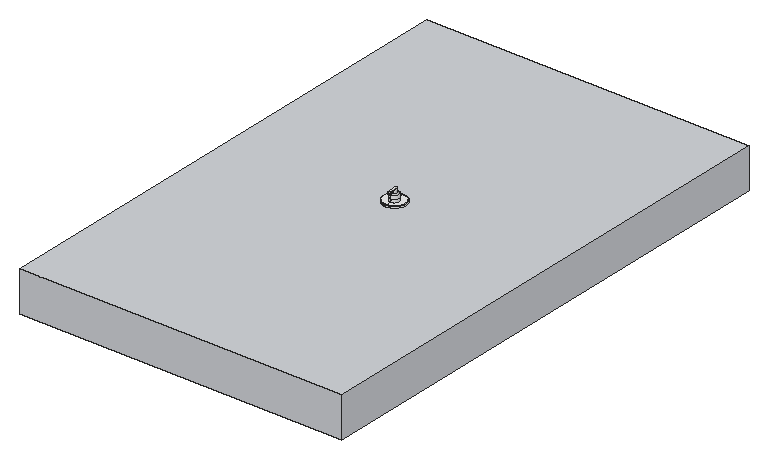
Revit family "Balance_Trim-GROHE-Atrio-19866_Series", category Plumbing Fixtures, host Face, Revit 2014
Parameters (values of type "19866000")
  Width = 6 11/16"  # constant formula
  Waste Connection = no
  Warranty Documentation Link = "https://cdn.cloud.grohe.com/tpi/1000/1900/1940/1949/1949006/original/1949006.pdf"
  WFU = 4  # constant formula
  Vent Connection = no
  URL = "https://www.grohe.us"
  Type Comments = ""
  Tempered Connection Radius = Tempered Connection Diameter / 2  # 1/4"
  Tempered Connection Diameter = Hot Water Connection Diameter  # 1/2"
  Shipping Weight = 3.611 lbf
  Product Page URL = "https://www.grohe.us/en_us/atrio-jota-single-function-pressure-balance-trim-with-control-module-19866000.html"
  Price = "Prices may vary. Please consult Manufacturer Representative for most up-to-date price list."  # constant formula
  Model = "19866000"
  Material = "Metal-Grohe-000-Chrome"
  Manufacturer = "Grohe"
  Length = 4 3/16"  # constant formula
  Installation Type = "Wall Mounted"
  Hot Water Connection Radius = Hot Water Connection Diameter / 2  # 1/4"
  Hot Water Connection Diameter = Cold Water Connection Diameter  # 1/2"
  Height = 40"
  HWFU = 3  # constant formula
  HW Connection = yes
  Flow Rate = "6.1 gpm at 45 psi"  # constant formula
  Finish = Metal-Grohe-000-Chrome
  Description = "Atrio Single function pressure balance trim with control module"  # constant formula
  Default Elevation = 44"  # constant formula
  Creation Date = "06/26/2017"  # constant formula
  Cold Water Connection Radius = 1/4"  # constant formula
  Cold Water Connection Diameter = Cold Water Connection Radius * 2  # 1/2"
  CWFU = 3  # constant formula
  CW Connection = yes
  Assembly Code = "D2010710"
  ADA Compliant = yes
Types (2): name | Shipping Weight | Product Page URL | Model | Material | Finish
  19866000 | 3.611 lbf | "https://www.grohe.us/en_us/atrio-jota-single-function-pressure-balance-trim-with-control-module-19866000.html" | "19866000" | "Metal-Grohe-000-Chrome" | Metal-Grohe-000-Chrome
  19866EN0 | 3.622 lbf | "https://www.grohe.us/en_us/atrio-jota-single-function-pressure-balance-trim-with-control-module-19866EN0.html" | "19866EN0" | "Metal-Grohe-EN0-Brushed Nickel" | Metal-Grohe-EN0-Brushed Nickel
Reference planes (in)
  plane 1 "Center (Front/Back)": y = 0
  plane 2: z = 0
  plane 3 "Center (Left/Right)": x = 0
  plane 4: y = 40
  plane 5: y = -18
  plane 6: y = -39
  plane 7: x = -1.21875
  plane 8: x = 1.21875
  plane 9: x = -3.34375
  plane 10: x = 3.34375
  plane 11: z = 0.375
  plane 12: z = 4
  plane 13: z = 3.99123
  plane 14: z = 3.52232
  plane 15: y = 3.34375
  plane 16: y = -3.34375
Forms (in)
  Extrusion 1, solid
    sketch origin (0, 0, 0) x (1, 0, 0) y (0, 1, 0)
      loop
        line (-48, 72) -> (-48, -79.70833) -> (48, -79.70833) -> (48, 72) -> (-48, 72)
    from 0 to -12
  Revolve 2, solid, material "Metal-Grohe-000-Chrome" <- "Finish"
    sketch origin (0, 0, 0) x (0, 1, 0) y (0, 0, 1)
      loop
        line (3.34375, 0) -> (3.34375, 0.26562) -> (3.14403, 0.26562) -> (3.14403, 0.375) -> (1.29066, 0.375) -> (1.29066, 1.10435) -> (1.24328, 1.10435) -> (1.24328, 1.19308) -> (1.29066, 1.19308) -> (1.29066, 2.0798) -> (0.86879, 2.0798) -> (0.86879, 2.39394) -> (0.46153, 2.39394) -> (0.46153, 3.21545) -> (0, 3.21545) -> (0, 0) -> (3.34375, 0)
      axis (0, 3.21545) -> (0, 0)
    angle from 0 to 360
  Extrusion 3, solid, material "Metal-Grohe-000-Chrome" <- "Finish"
    sketch origin (0, 0, -0.53125) x (1, 0, 0) y (0, 0, 1)
      loop
        circle (0, 3.7467) r 0.24453
    from -0.65985 to 2.31873
  Extrusion 4, solid, material "Metal-Grohe-000-Chrome" <- "Finish"
    sketch origin (0, 0, 0) x (1, 0, 0) y (0, 1, 0)
      loop
        circle (-0.81843, 0) r 0.25
      loop
        circle (0.81843, 0) r 0.25
    from 0 to 0.0625
Cuts and joins
  joined: Revolve 2, Extrusion 3, Extrusion 4
Lines and regions (in)
  Masking region 1
    outline origin (0, 0, 0) x (1, 0, 0) y (0, 0, 1)
      loop
        line (0.46153, 3.21545) -> (0.24453, 3.21545)
        arc (0.24453, 3.21545) -> (0, 3.45998) -> (-0.24453, 3.21545) r 0.24453
        line (-0.24453, 3.21545) -> (-0.46153, 3.21545) -> (-0.46153, 2.39394) -> (-0.86879, 2.39394) -> (-0.86879, 2.0798) -> (-1.29066, 2.0798) -> (-1.29066, 1.19308) -> (-1.24328, 1.19308) -> (-1.24328, 1.10435) -> (-1.29066, 1.10435) -> (-1.29066, 0.375) -> (-2.95653, 0.375) -> (-2.95653, 0.26562) -> (-3.34375, 0.26562) -> (-3.34375, 0) -> (3.34375, 0) -> (3.34375, 0.26562) -> (2.95653, 0.26562) -> (2.95653, 0.375) -> (1.29066, 0.375) -> (1.29066, 1.10435) -> (1.24328, 1.10435) -> (1.24328, 1.19308) -> (1.29066, 1.19308) -> (1.29066, 2.0798) -> (0.86879, 2.0798) -> (0.86879, 2.39394) -> (0.46153, 2.39394) -> (0.46153, 3.21545)
  symbolic lines, detail levels medium+fine
    curve 1: line (1.29066, 0, 0.375) -> (-1.29066, 0, 0.375)
    curve 3: line (0.46153, 0, 2.39394) -> (-0.46153, 0, 2.39394)
  symbolic lines, detail levels fine
    curve 2: line (2.95653, 0, 0.26562) -> (-2.95653, 0, 0.26562)
    curve 4: line (1.24328, 0, 1.10435) -> (-1.24328, 0, 1.10435)
    curve 5: line (1.24328, 0, 1.19308) -> (-1.24328, 0, 1.19308)
    curve 6: line (0.86879, 0, 2.0798) -> (-0.86879, 0, 2.0798)
    curve 7: arc (0.24453, 0, 3.21545) -> (0, 0, 2.97091) -> (-0.24453, 0, 3.21545) r 0.24453
Dimensions and locks (in)
  plane 1 "Center (Front/Back)" to plane 5 = 18"
  plane 5 to plane 6 = 21"
  plane 1 "Center (Front/Back)" to plane 4 = 40"
  plane 11 to level = 3/8"
  plane 12 to level = 4"
  plane 15 to plane 1 "Center (Front/Back)" = 3 11/32"
  "Hot Water Connection Diameter": diameter of Extrusion 4 sketch curve
  "Cold Water Connection Diameter": diameter of Extrusion 4 sketch curve
  aligned and locked: plane 2 to Extrusion 1
  aligned and locked: level to Extrusion 1
Automatic sketch dimensions
  curve 7 to plane 3 "Center (Left/Right)" = 0"
  plane 14 to curve 7 = 0.30688"
  curve 7 to curve 7 = 0.24453"
  curve 3 to plane 3 "Center (Left/Right)" = 0.46153"
  plane 7 to curve 6 = 0.34996"
  curve 4 to plane 7 = 0.02453"
  curve 5 to plane 7 = 0.02453"
  curve 1 to plane 7 = 0.07191"
  plane 9 to curve 2 = 0.38722"
  plane 3 "Center (Left/Right)" to curve 3 = 0.46153"
  plane 8 to curve 6 = 0.34996"
  curve 5 to plane 8 = 0.02453"
  curve 4 to plane 8 = 0.02453"
  curve 1 to plane 8 = 0.07191"
  plane 10 to curve 2 = 0.38722"
  curve 3 to curve 7 = 0.8215"
  curve 6 to curve 3 = 0.31414"
  curve 5 to curve 6 = 227/256"
  curve 4 to curve 5 = 0.08873"
  level to curve 1 = 3/8"
  level to curve 2 = 17/64"
  Extrusion 1 sketch curve to Extrusion 1 sketch curve = 96"
  Extrusion 1 sketch curve to Extrusion 1 sketch curve = 151.70833"
  Revolve 2 sketch curve to plane 1 "Center (Front/Back)" = 0"  (x2)
  Revolve 2 sketch curve to level = 0"
  Revolve 2 sketch curve to plane 11 = 0"
  Revolve 2 sketch curve to plane 15 = 0"
  Revolve 2 sketch curve to plane 1 "Center (Front/Back)" = 0.46153"
  Revolve 2 sketch curve to Revolve 2 sketch curve = 0.40725"
  Revolve 2 sketch curve to Revolve 2 sketch curve = 0.37449"
  Revolve 2 sketch curve to Revolve 2 sketch curve = 0.04738"
  Revolve 2 sketch curve to Revolve 2 sketch curve = 27/64"
  plane 15 to Revolve 2 sketch curve = 0.19972"
  Revolve 2 sketch curve to Revolve 2 sketch curve = 7/64"
  plane 11 to Revolve 2 sketch curve = 0.72935"
  Revolve 2 sketch curve to Revolve 2 sketch curve = 0.08873"
  Revolve 2 sketch curve to Revolve 2 sketch curve = 227/256"
  Revolve 2 sketch curve to Revolve 2 sketch curve = 0.31414"
  plane 14 to Revolve 2 sketch curve = 0.30688"
  plane 12 to Revolve 2 sketch curve = 1.99585"
  Revolve 2 sketch curve to Revolve 2 sketch curve = 0.35576"
  Extrusion 3 sketch curve to plane 3 "Center (Left/Right)" = 0"
  plane 14 to Extrusion 3 sketch curve = 0.30688"
  Masking region 1 sketch curve to plane 9 = 0"
  Masking region 1 sketch curve to plane 3 "Center (Left/Right)" = 0"
  Masking region 1 sketch curve to level = 0"
  plane 10 to Masking region 1 sketch curve = 0"
  plane 9 to Masking region 1 sketch curve = 0.38722"
  Masking region 1 sketch curve to plane 7 = 0.07191"  (x2)
  Masking region 1 sketch curve to plane 7 = 0.02453"
  plane 7 to Masking region 1 sketch curve = 0.34996"
  Masking region 1 sketch curve to Masking region 1 sketch curve = 0.46153"
  Masking region 1 sketch curve to Masking region 1 sketch curve = 0.217"  (x2)
  plane 8 to Masking region 1 sketch curve = 0.34996"
  Masking region 1 sketch curve to plane 8 = 0.02453"
  Masking region 1 sketch curve to Masking region 1 sketch curve = 0.04738"  (x2)
  plane 10 to Masking region 1 sketch curve = 0.38722"
  Masking region 1 sketch curve to Masking region 1 sketch curve = 17/64"
  level to Masking region 1 sketch curve = 17/64"
  Masking region 1 sketch curve to Masking region 1 sketch curve = 7/64"  (x2)
  Masking region 1 sketch curve to Masking region 1 sketch curve = 0.72935"  (x2)
  Masking region 1 sketch curve to Masking region 1 sketch curve = 0.08873"  (x2)
  Masking region 1 sketch curve to Masking region 1 sketch curve = 227/256"  (x2)
  Masking region 1 sketch curve to Masking region 1 sketch curve = 0.31414"  (x2)
  plane 14 to Masking region 1 sketch curve = 0.30688"  (x2)
  plane 1 "Center (Front/Back)" to Extrusion 4 sketch curve = 0"  (x2)
  plane 7 to Extrusion 4 sketch curve = 0.40032"
  plane 8 to Extrusion 4 sketch curve = 0.40032"
  radius of Extrusion 3 sketch curve = 0.24453"
Connectors (in)
  piping at (-0.81843, 0, 0), diameter 0.5, driven by "Hot Water Connection Diameter"
    settings: on Extrusion 4, index 1, connector inside diameter 24", connector length 0", flow factor 0, pipe flow 0 GPM, pressure drop 0.00 psi, fitting loss kfactor 0, connector angle 0.00°, fixture units 0, engagement length 0", angle of deflection 0.00°, flow configuration 0, flow direction 1, fitting loss method 0, system type 19, joint type 0, gender type 0, connector reference index -1, connector utility 0, adjustable connector no, is connector primary yes, connector description "1/2\" NPT HW Inlet"
  piping at (0.81843, 0, 0), diameter 0.5, driven by "Cold Water Connection Diameter"
    settings: on Extrusion 4, index 2, connector inside diameter 24", connector length 0", flow factor 0, pipe flow 0 GPM, pressure drop 0.00 psi, fitting loss kfactor 0, connector angle 0.00°, fixture units 0, engagement length 0", angle of deflection 0.00°, flow configuration 0, flow direction 1, fitting loss method 0, system type 20, joint type 0, gender type 0, connector reference index -1, connector utility 0, adjustable connector no, is connector primary no, connector description "1/2\" NPT CW Inlet"
